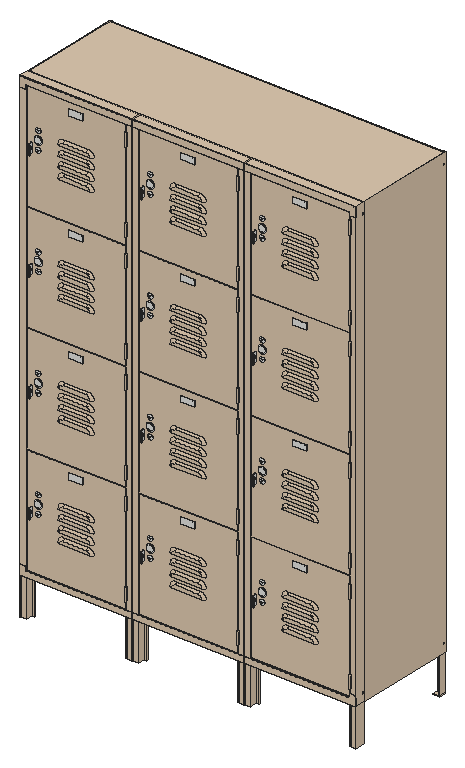
Revit family "Metal_Lockers-Salsbury_Industries-18_54000_Series-3_Wide_Units", category Specialty Equipment, Revit 2016 (continued)
Definition of nested family "Metal Locker Zee Base-Right Side"
  Forms (in)
    Extrusion 1, solid, material <- "Primary Structure Material", visible <- "Visible"
      sketch origin (5.99, 0, 0) x (0, 0, -1) y (0, -1, 0)
        loop
          line (-4, 8.43967) -> (-4, -8.431) -> (-3.94, -8.431) -> (-3.94, 8.43967) -> (-4, 8.43967)
      from 0.06 to 1.22
    Extrusion 2, solid, material <- "Primary Structure Material", visible <- "Visible"
      sketch origin (0, 0, 0) x (0, -1, 0) y (1, 0, 0)
        loop
          line (-9.681, 1.99) -> (-9.621, 1.99) -> (-9.621, 5.93) -> (9.621, 5.93) -> (9.621, 1.99) -> (9.681, 1.99) -> (9.681, 5.99) -> (-9.681, 5.99) -> (-9.681, 1.99)
      from 0.06 to 4
  Dimensions and locks (in)
    "Height": plane 5 "Top of Enclosure" to plane 4 "Floor"
    equal spacing: plane 8 "Left Edge of Enclosure", plane 1 "Center (Front/Back)", plane 9 "Right Edge of Enclosure"
    "Depth": plane 8 "Left Edge of Enclosure" to plane 9 "Right Edge of Enclosure"
    "Width": plane 11 "Left Edge of Base" to plane 7 "Right Side of Unit"
    equal spacing: plane 11 "Left Edge of Base", plane 3 "Center (Left/Right)", plane 7 "Right Side of Unit"
    locked: plane 4 "Floor" to plane 10 "Bottom Edge of Enclosure" at 0.06
    aligned and locked: level to plane 2
    aligned and locked: plane 6 "Left Edge of Insert" to Extrusion 1
    aligned and locked: Extrusion 2 to plane 9 "Right Edge of Enclosure"
    aligned and locked: Extrusion 2 to plane 10 "Bottom Edge of Enclosure"
    aligned and locked: Extrusion 2 to plane 11 "Left Edge of Base"
  Automatic sketch dimensions
    plane 5 "Top of Enclosure" to Extrusion 1 sketch curve = 0.000"
    Extrusion 1 sketch curve to Extrusion 1 sketch curve = 0.060"
    plane 9 "Right Edge of Enclosure" to Extrusion 1 sketch curve = 1.250"
    Extrusion 1 sketch curve to plane 8 "Left Edge of Enclosure" = 1.24133"
    Extrusion 2 sketch curve to plane 7 "Right Side of Unit" = 0.000"
    plane 9 "Right Edge of Enclosure" to Extrusion 2 sketch curve = 0.000"
    plane 6 "Left Edge of Insert" to Extrusion 2 sketch curve = 2.780"  (x2)
    Extrusion 2 sketch curve to Extrusion 2 sketch curve = 0.060"
    plane 7 "Right Side of Unit" to Extrusion 2 sketch curve = 0.060"
    Extrusion 2 sketch curve to plane 8 "Left Edge of Enclosure" = 0.060"
    Extrusion 2 sketch curve to plane 8 "Left Edge of Enclosure" = 0.000"
Definition of nested family "Metal Locker Zee Base-Left Side"
  Parameters (values of type "77571 Left- 21" D")
    Width including Rivet [instance] = 1.290"
    Visible = yes
    Primary Structure Material = none
    Depth = 19.362"
    Version = "1.0 (11/30/15)"
    Type Comments = "Zee Base Kit for Standard Metal Lockers - No Legs"
    Model = "77571"
    MasterFormat Title = ""
    MasterFormat Number = ""
    Manufacturer = "Salsbury Industries"
    Description = "4\" H x 6' L - for 21\" Deep Lockers (Includes 6 Foot Front Base, 2 End Bases, Corner Splicer and 4 Rear Legs)"
    Width = 4.000"
    Height = 4.000"
    Assembly Code = ""
  Types (5): name | Visible | Depth | Type Comments | Model | Description
    77572 Left - 12" D | yes | 10.362" | "Zee Base Kit for Standard Metal Lockers - No Legs" | "77572" | "4\" H x 6' L - for 12\" Deep Lockers (Includes 6 Foot Front Base, 2 End Bases, Corner Splicer and 4 Rear Legs)"
    77575 Left - 15" D | yes | 13.362" | "Zee Base Kit for Standard Metal Lockers - No Legs" | "77575" | "4\" H x 6' L - for 15\" Deep Lockers (Includes 6 Foot Front Base, 2 End Bases, Corner Splicer and 4 Rear Legs)"
    77578 Left- 18" D | yes | 16.362" | "Zee Base Kit for Standard Metal Lockers - No Legs" | "77578" | "4\" H x 6' L - for 18\" Deep Lockers (Includes 6 Foot Front Base, 2 End Bases, Corner Splicer and 4 Rear Legs)"
    None | no | 10.362" | "End Base for Standard Metal Lockers" | "" | ""
    77571 Left- 21" D | yes | 19.362" | "Zee Base Kit for Standard Metal Lockers - No Legs" | "77571" | "4\" H x 6' L - for 21\" Deep Lockers (Includes 6 Foot Front Base, 2 End Bases, Corner Splicer and 4 Rear Legs)"
  Reference planes (in)
    plane 1 "Center (Front/Back)": y = 0
    plane 2: z = 0
    plane 3 "Center (Left/Right)": x = 3.99
    plane 4 "Floor": z = 0
    plane 5 "Top of Enclosure": z = 4
    plane 6 "Right Side of Unit": x = 5.99
    plane 7 "Left Edge of Enclosure": y = -9.681
    plane 8 "Right Edge of Enclosure": y = 9.681
    plane 9 "Bottom Edge of Enclosure": z = 0.06
    plane 10 "Left Edge of Base": x = 1.99
    plane 11 "Right Edge of Inser": x = 3.21
  Forms (in)
    Extrusion 1, solid, material <- "Primary Structure Material", visible <- "Visible"
      sketch origin (7.98, 0, 0) x (0, -1, 0) y (1, 0, 0)
        loop
          line (-9.681, -1.99) -> (-9.681, -5.99) -> (9.681, -5.99) -> (9.681, -1.99) -> (9.621, -1.99) -> (9.621, -5.93) -> (-9.621, -5.93) -> (-9.621, -1.99) -> (-9.681, -1.99)
      from 0.06 to 4
    Extrusion 2, solid, material <- "Primary Structure Material", visible <- "Visible"
      sketch origin (1.99, 0, 0) x (0, 0, -1) y (0, 1, 0)
        loop
          line (-4, -8.43967) -> (-3.94, -8.43967) -> (-3.94, 8.431) -> (-4, 8.431) -> (-4, -8.43967)
      from 0.06 to 1.22
  Dimensions and locks (in)
    "Height": plane 5 "Top of Enclosure" to plane 4 "Floor"
    equal spacing: plane 7 "Left Edge of Enclosure", plane 1 "Center (Front/Back)", plane 8 "Right Edge of Enclosure"
    "Depth": plane 7 "Left Edge of Enclosure" to plane 8 "Right Edge of Enclosure"
    "Width": plane 10 "Left Edge of Base" to plane 6 "Right Side of Unit"
    equal spacing: plane 10 "Left Edge of Base", plane 3 "Center (Left/Right)", plane 6 "Right Side of Unit"
    locked: plane 4 "Floor" to plane 9 "Bottom Edge of Enclosure" at 0.06
    aligned and locked: level to plane 2
    aligned and locked: Extrusion 1 to plane 10 "Left Edge of Base"
  Automatic sketch dimensions
    plane 8 "Right Edge of Enclosure" to Extrusion 1 sketch curve = 0.000"
    Extrusion 1 sketch curve to plane 6 "Right Side of Unit" = 0.000"  (x2)
    plane 7 "Left Edge of Enclosure" to Extrusion 1 sketch curve = 0.000"
    Extrusion 1 sketch curve to plane 10 "Left Edge of Base" = 0.000"
    Extrusion 1 sketch curve to Extrusion 1 sketch curve = 0.060"
    plane 7 "Left Edge of Enclosure" to Extrusion 1 sketch curve = 0.060"
    plane 10 "Left Edge of Base" to Extrusion 1 sketch curve = 0.060"
    plane 5 "Top of Enclosure" to Extrusion 2 sketch curve = 0.000"
    Extrusion 2 sketch curve to Extrusion 2 sketch curve = 0.060"
    Extrusion 2 sketch curve to plane 7 "Left Edge of Enclosure" = 1.24133"
    plane 8 "Right Edge of Enclosure" to Extrusion 2 sketch curve = 1.250"
Definition of nested family "Metal Locker Zee Base Corner"
  Parameters (values of type "77572, 77575, 77578, 77571")
    Width = 2.000"
    Visible = yes
    Version = "1.0 (11/30/15)"
    Type Comments = "Zee Base Kit for Standard Metal Lockers - No Legs"
    Primary Structure Material = none
    Model = "n/a"
    Manufacturer = "Salsbury Industries"
    Height = 3.940"
    Description = "4\" H x 6' L - for 12\" Deep Lockers (Includes 6 Foot Front Base, 2 End Bases, Corner Splicer and 4 Rear Legs)"
    Depth = 2.000"
  Types (2): name | Visible
    77572, 77575, 77578, 77571 | yes
    None | no
  Reference planes (in)
    plane 1 "Center (Front/Back)": y = 0
    plane 2 "Bottom of Component": z = 0
    plane 3 "Center (Left/Right)": x = 0
    plane 4: z = 3.94
    plane 5: x = -1
    plane 6: x = 1
    plane 7 "Front": y = -1
    plane 8 "Back": y = 1
  Forms (in)
    Extrusion 1, solid, material <- "Primary Structure Material", visible <- "Visible"
      sketch origin (0, 0, 0) x (1, 0, 0) y (0, 1, 0)
        loop
          line (-1, 1) -> (-1, 0.94) -> (0.94, 0.94) -> (0.94, -1) -> (1, -1) -> (1, 1) -> (-1, 1)
      from 0 to 3.94
  Dimensions and locks (in)
    "Height": plane 4 to plane 2 "Bottom of Component"
    equal spacing: plane 5, plane 3 "Center (Left/Right)", plane 6
    "Width": plane 5 to plane 6
    equal spacing: plane 7 "Front", plane 1 "Center (Front/Back)", plane 8 "Back"
    "Depth": plane 7 "Front" to plane 8 "Back"
    aligned and locked: plane 2 "Bottom of Component" to level
  Automatic sketch dimensions
    Extrusion 1 sketch curve to plane 5 = 0.000"
    plane 7 "Front" to Extrusion 1 sketch curve = 0.000"
    Extrusion 1 sketch curve to plane 6 = 0.000"
    plane 8 "Back" to Extrusion 1 sketch curve = 0.000"
    plane 6 to Extrusion 1 sketch curve = 0.060"
    Extrusion 1 sketch curve to Extrusion 1 sketch curve = 0.060"
Definition of nested family "Metal Locker End Panel"
  Parameters (values of type "77361 - for 6' H X 21" D Lockers")
    Width = 0.925"
    Visible = yes
    Version = "1.0 (11/30/15)"
    Type Comments = "Finished End Panel for Standard Metal Lockers"
    Primary Structure Material = none
    Model = "77361"
    MasterFormat Title = ""
    MasterFormat Number = ""
    Manufacturer = "Salsbury Industries"
    Height = 72.000"
    Description = "End Panel for 6' H x 21\" Deep Lockers"
    Depth = 21.010"
    Assembly Code = ""
  Types (8): name | Visible | Model | Height | Description | Depth
    77362 - for 6' H x 12" D Lockers | yes | "77362" | 72.000" | "End Panel for 6' H x 12\" Deep Lockers" | 12.010"
    77365 - for 6' H x 15" D Lockers | yes | "77365" | 72.000" | "End Panel for 6' H x 15\" Deep Lockers" | 15.010"
    77368 - for 6' H X 18" D Lockers | yes | "77368" | 72.000" | "End Panel for 6' H x 18\" Deep Lockers" | 18.010"
    77352 - for 5' H x 12" D Lockers | yes | "77352" | 60.000" | "End Panel for 5' H x 12\" Deep Lockers" | 12.010"
    77355 - for 5' H x 15" D Lockers | yes | "77355" | 60.000" | "End Panel for 5' H x 15\" Deep Lockers" | 15.010"
    77358 - for 5' H x 18" D Lockers | yes | "77358" | 60.000" | "End Panel for 5' H x 18\" Deep Lockers" | 18.010"
    None | no | "n/a" | 72.000" | "" | 12.010"
    77361 - for 6' H X 21" D Lockers | yes | "77361" | 72.000" | "End Panel for 6' H x 21\" Deep Lockers" | 21.010"
  Reference planes (in)
    plane 1 "Center (Front/Back)": y = -2.167
    plane 2: z = 0
    plane 3 "Center (Left/Right)": x = -4.595
    plane 4 "Bottom of Panel": z = 0
    plane 5 "Top of Panel": z = 72
    plane 6 "Front of Panel": y = -12.672
    plane 7 "Right Side of Enclosure": x = -4.1325
    plane 8 "Left Side of Enclosure": x = -5.0575
    plane 9 "Back of Panel": y = 8.338
    plane 10: z = 36
    plane 11: z = 70.283
    plane 12: z = 1.717
    plane 13 "Outside Edge of Front Flap": y = -12.73214
    plane 14 "Outside Edge of Back Flap": y = 8.398
  Forms (in)
    Extrusion 1, solid, material <- "Primary Structure Material", visible <- "Visible"
      sketch origin (-4.1325, 0.48244, 0) x (0, 0, -1) y (0, -1, 0)
        loop
          line (-72, 13.21458) -> (-72, -7.91556) -> (0, -7.91556) -> (0, 13.21458) -> (-72, 13.21458)
      from 0 to -0.06
    Extrusion 2, solid, material <- "Primary Structure Material", visible <- "Visible"
      sketch origin (0, 8.338, 0) x (0, 0, -1) y (1, 0, 0)
        loop
          line (-72, -5.0575) -> (0, -5.0575) -> (0, -4.1325) -> (-72, -4.1325) -> (-72, -5.0575)
      from 0 to -0.06
    Extrusion 3, solid, material <- "Primary Structure Material", visible <- "Visible"
      sketch origin (0, -12.672, 0) x (1, 0, 0) y (0, 0, 1)
        loop
          line (-5.0575, 70.283) -> (-5.0575, 1.717) -> (-4.1325, 1.717) -> (-4.1325, 70.283) -> (-5.0575, 70.283)
      from 0.06014 to 0
  Dimensions and locks (in)
    equal spacing: plane 6 "Front of Panel", plane 1 "Center (Front/Back)", plane 9 "Back of Panel"
    "Depth": plane 6 "Front of Panel" to plane 9 "Back of Panel"
    equal spacing: plane 8 "Left Side of Enclosure", plane 3 "Center (Left/Right)", plane 7 "Right Side of Enclosure"
    "Width": plane 8 "Left Side of Enclosure" to plane 7 "Right Side of Enclosure"
    equal spacing: plane 5 "Top of Panel", plane 10, plane 2
    "Height": plane 5 "Top of Panel" to plane 2
    locked: plane 5 "Top of Panel" to plane 11 at 1.717
    locked: plane 13 "Outside Edge of Front Flap" to plane 6 "Front of Panel" at 0.06014
    locked: plane 9 "Back of Panel" to plane 14 "Outside Edge of Back Flap" at 0.06
    aligned and locked: level to plane 2
    aligned and locked: plane 5 "Top of Panel" to Extrusion 1 sketch curve
    aligned and locked: plane 5 "Top of Panel" to Extrusion 2 sketch curve
    aligned and locked: Extrusion 2 to plane 9 "Back of Panel"
    aligned and locked: plane 11 to Extrusion 3 sketch curve
    aligned and locked: plane 6 "Front of Panel" to Extrusion 3
    aligned and locked: plane 14 "Outside Edge of Back Flap" to Extrusion 2
    aligned and locked: Extrusion 1 to plane 14 "Outside Edge of Back Flap"
    aligned and locked: plane 13 "Outside Edge of Front Flap" to Extrusion 3
    aligned and locked: Extrusion 2 to plane 7 "Right Side of Enclosure"
    aligned and locked: Extrusion 3 to plane 7 "Right Side of Enclosure"
  Automatic sketch dimensions
    Extrusion 1 sketch curve to level = 0.000"
    Extrusion 2 sketch curve to level = 0.000"
    plane 8 "Left Side of Enclosure" to Extrusion 2 sketch curve = 0.000"
    plane 7 "Right Side of Enclosure" to Extrusion 2 sketch curve = 0.000"
    plane 8 "Left Side of Enclosure" to Extrusion 3 sketch curve = 0.000"
    Extrusion 3 sketch curve to plane 12 = 0.000"
    plane 7 "Right Side of Enclosure" to Extrusion 3 sketch curve = 0.000"
    Extrusion 1 sketch curve to plane 14 "Outside Edge of Back Flap" = 0.000"
    plane 6 "Front of Panel" to Extrusion 1 sketch curve = 0.06014"
Definition of nested family "Metal Locker Front Filler"
  Parameters (values of type "77869 - for 6' H Lockers (Zee Base or No Legs)")
    Width = 9.000"
    Visible = yes
    Version = "1.0 (11/30/15)"
    Type Comments = "Vertical Front Filler for Standard Metal Lockers"
    Primary Structure Material = none
    Model = "77865"
    MasterFormat Title = ""
    MasterFormat Number = ""
    Manufacturer = "Salsbury Industries"
    Height = 72.000"
    Description = "9\" W Vertical Front Filler for 6' H Lockers"
    Depth = 1.500"
    Assembly Code = ""
  Types (9): name | Width | Visible | Model | Height | Description | Depth
    77865 - for 6' H Lockers with Legs | 15.000" | yes | "77865" | 78.000" | "15\" W Vertical Front Filler for 6' H Lockers" | 1.000"
    77869 - for 6' H Lockers with Legs | 9.000" | yes | "77865" | 78.000" | "9\" W Vertical Front Filler for 6' H Lockers" | 1.000"
    77855 - for 5' H Lockers with Legs | 15.000" | yes | "77855" | 66.000" | "15\" W Vertical Front Filler for 5' H Lockers" | 1.000"
    77859 - for 5' H Lockers with Legs | 9.000" | yes | "77859" | 66.000" | "9\" W Vertical Front Filler for 5' H Lockers" | 1.000"
    None | 15.000" | no | "n/a" | 78.000" | "" | 1.500"
    77865 - for 6' H Lockers (Zee Base or No Legs) | 15.000" | yes | "77865" | 72.000" | "15\" W Vertical Front Filler for 6' H Lockers" | 1.000"
    77869 - for 6' H Lockers (Zee Base or No Legs) | 9.000" | yes | "77865" | 72.000" | "9\" W Vertical Front Filler for 6' H Lockers" | 1.500"
    77859 - for 5' H Lockers (Zee Base or No Legs) | 9.000" | yes | "77859" | 60.000" | "9\" W Vertical Front Filler for 5' H Lockers" | 1.000"
    77855 - for 5' H Lockers (Zee Base or No Legs) | 15.000" | yes | "77855" | 60.000" | "15\" W Vertical Front Filler for 5' H Lockers" | 1.000"
  Reference planes (in)
    plane 1 "Center (Front/Back)": y = -2.167
    plane 2: z = 0
    plane 3 "Center (Left/Right)": x = -4.595
    plane 4 "Bottom of Filler": z = 0
    plane 5 "Top of Panel": z = 72
    plane 6 "Front of Filler": y = -2.917
    plane 7 "Right Side of Filler": x = -0.095
    plane 8 "Left Side of Filler": x = -9.095
    plane 9 "Back of Filler": y = -1.417
    plane 10: z = 36
  Forms (in)
    Extrusion 1, solid, material <- "Primary Structure Material", visible <- "Visible"
      sketch origin (0, 0, 0) x (0, -1, 0) y (1, 0, 0)
        loop
          line (1.417, -9.095) -> (2.917, -9.095) -> (2.917, -1.095) -> (2.869, -1.095) -> (2.869, -9.047) -> (1.417, -9.047) -> (1.417, -9.095)
      from 0 to 72
    Extrusion 2, solid, material <- "Primary Structure Material", visible <- "Visible"
      sketch origin (0, -0.20425, 0) x (0, -1, 0) y (1, 0, 0)
        loop
          line (1.30875, -0.095) -> (1.30875, -0.143) -> (2.76075, -0.143) -> (2.76075, -1.595) -> (2.80875, -1.595) -> (2.80875, -0.095) -> (1.30875, -0.095)
      from 0 to 72
    Extrusion 3, solid, material <- "Primary Structure Material", visible <- "Visible"
      sketch origin (0, 0.10825, 0) x (0, -1, 0) y (1, 0, 0)
        loop
          line (3.07325, -1.595) -> (3.07325, -0.82524) -> (3.02525, -0.82524) -> (3.02525, -1.376) -> (3.02525, -1.449) -> (3.02525, -1.522) -> (3.02525, -1.595) -> (3.07325, -1.595)
      from 0 to 72
    Extrusion 4, solid, material <- "Primary Structure Material", visible <- "Visible"
      sketch origin (0, 0, 0) x (0, -1, 0) y (1, 0, 0)
        loop
          line (2.917, -0.82524) -> (2.821, -0.82524) -> (2.821, -1.80024) -> (2.869, -1.80024) -> (2.869, -0.87324) -> (2.917, -0.87324) -> (2.917, -0.82524)
      from 0 to 72
  Dimensions and locks (in)
    equal spacing: plane 6 "Front of Filler", plane 1 "Center (Front/Back)", plane 9 "Back of Filler"
    "Depth": plane 6 "Front of Filler" to plane 9 "Back of Filler"
    equal spacing: plane 8 "Left Side of Filler", plane 3 "Center (Left/Right)", plane 7 "Right Side of Filler"
    "Width": plane 8 "Left Side of Filler" to plane 7 "Right Side of Filler"
    equal spacing: plane 5 "Top of Panel", plane 10, plane 2
    "Height": plane 5 "Top of Panel" to plane 2
    aligned and locked: level to plane 2
    aligned and locked: Extrusion 1 to plane 5 "Top of Panel"
    aligned and locked: Extrusion 2 to plane 5 "Top of Panel"
    aligned and locked: Extrusion 3 to plane 5 "Top of Panel"
    aligned and locked: Extrusion 4 to plane 5 "Top of Panel"
  Automatic sketch dimensions
    plane 9 "Back of Filler" to Extrusion 1 sketch curve = 0.000"
    plane 6 "Front of Filler" to Extrusion 1 sketch curve = 0.000"
    Extrusion 1 sketch curve to plane 8 "Left Side of Filler" = 0.000"
    Extrusion 1 sketch curve to plane 6 "Front of Filler" = 0.048"
    Extrusion 1 sketch curve to Extrusion 1 sketch curve = 0.048"
    plane 7 "Right Side of Filler" to Extrusion 1 sketch curve = 1.000"
    Extrusion 2 sketch curve to plane 7 "Right Side of Filler" = 0.000"
    plane 7 "Right Side of Filler" to Extrusion 2 sketch curve = 0.048"
    plane 9 "Back of Filler" to Extrusion 2 sketch curve = 0.096"
    plane 6 "Front of Filler" to Extrusion 2 sketch curve = 0.048"
    Extrusion 2 sketch curve to Extrusion 2 sketch curve = 0.048"
    Extrusion 2 sketch curve to Extrusion 2 sketch curve = 1.452"
    plane 6 "Front of Filler" to Extrusion 3 sketch curve = 0.000"
    plane 7 "Right Side of Filler" to Extrusion 3 sketch curve = 1.500"
    Extrusion 3 sketch curve to Extrusion 3 sketch curve = 0.073"  (x3)
    Extrusion 3 sketch curve to Extrusion 3 sketch curve = 0.55076"
    Extrusion 3 sketch curve to Extrusion 3 sketch curve = 0.048"
    plane 6 "Front of Filler" to Extrusion 4 sketch curve = 0.000"
    Extrusion 4 sketch curve to plane 6 "Front of Filler" = 0.048"
    Extrusion 4 sketch curve to Extrusion 4 sketch curve = 0.048"  (x2)
    plane 7 "Right Side of Filler" to Extrusion 4 sketch curve = 1.70524"
    plane 7 "Right Side of Filler" to Extrusion 4 sketch curve = 0.77824"
Definition of nested family "Metal Locker Flat Top Filler"
  Parameters (values of type "77841 - for 21" Deep Lockers (9" W)")
    Width = 10.250"
    Visible = yes
    Version = "1.0 (11/30/15)"
    Type Comments = "Flat Top Filler for Standard Metal Lockers"
    Primary Structure Material = none
    Model = "77841"
    MasterFormat Title = ""
    MasterFormat Number = ""
    Manufacturer = "Salsbury Industries"
    Height = 1.003"
    Description = "9\"W Flat Top In-Line Filler"
    Depth = 21.118"
    Assembly Code = ""
  Types (9): name | Width | Visible | Model | Description | Depth
    77842 - for 12" Deep Lockers (15" W) | 16.250" | yes | "77842" | "15\"W Flat Top In-Line Filler" | 12.118"
    77842 - for 12" Deep Lockers (9" W) | 10.250" | yes | "77842" | "15\"W Flat Top In-Line Filler" | 12.118"
    77845 - for 15" Deep Lockers (15" W) | 16.250" | yes | "77845" | "15\"W Flat Top In-Line Filler" | 15.118"
    77845 - for 15" Deep Lockers (9" W) | 10.250" | yes | "77845" | "15\"W Flat Top In-Line Filler" | 15.118"
    77848 - for 18" Deep Lockers (15" W) | 16.250" | yes | "77848" | "15\"W Flat Top In-Line Filler" | 18.118"
    77848 - for 18" Deep Lockers (9" W) | 10.250" | yes | "77848" | "15\"W Flat Top In-Line Filler" | 18.118"
    None | 16.250" | no | "" | "15\"W Flat Top In-Line Filler" | 12.118"
    77841 - for 21" Deep Lockers (15" W) | 16.250" | yes | "77841" | "15\"W Flat Top In-Line Filler" | 21.118"
    77841 - for 21" Deep Lockers (9" W) | 10.250" | yes | "77841" | "9\"W Flat Top In-Line Filler" | 21.118"
  Reference planes (in)
    plane 1 "Center (Front/Back)": y = -2.167
    plane 2: z = 0
    plane 3 "Center (Left/Right)": x = -4.595
    plane 4 "Bottom of Panel": z = 0
    plane 5 "Top of Panel": z = 1.003
    plane 6 "Front of Panel": y = -12.726
    plane 7 "Right Side of Enclosure": x = 0.53
    plane 8 "Left Side of Enclosure": x = -9.72
    plane 9 "Back of Panel": y = 8.392
    plane 10: z = 0.5015
  Forms (in)
    Extrusion 1, solid, material <- "Primary Structure Material", visible <- "Visible"
      sketch origin (-4.595, 0, 0) x (0, 1, 0) y (0, 0, 1)
        loop
          line (-12.726, 0) -> (-12.678, 0) -> (-12.678, 0.955) -> (8.392, 0.955) -> (8.392, 1.003) -> (-12.726, 1.003) -> (-12.726, 0)
      from -5.125 to 5.125
  Dimensions and locks (in)
    equal spacing: plane 6 "Front of Panel", plane 1 "Center (Front/Back)", plane 9 "Back of Panel"
    "Depth": plane 6 "Front of Panel" to plane 9 "Back of Panel"
    equal spacing: plane 8 "Left Side of Enclosure", plane 3 "Center (Left/Right)", plane 7 "Right Side of Enclosure"
    "Width": plane 8 "Left Side of Enclosure" to plane 7 "Right Side of Enclosure"
    equal spacing: plane 5 "Top of Panel", plane 10, plane 2
    "Height": plane 5 "Top of Panel" to plane 2
    aligned and locked: level to plane 2
    aligned and locked: Extrusion 1 to plane 7 "Right Side of Enclosure"
    aligned and locked: plane 8 "Left Side of Enclosure" to Extrusion 1
    aligned and locked: plane 6 "Front of Panel" to Extrusion 1
    aligned and locked: Extrusion 1 to plane 9 "Back of Panel"
  Automatic sketch dimensions
    plane 5 "Top of Panel" to Extrusion 1 sketch curve = 0.000"
    Extrusion 1 sketch curve to plane 6 "Front of Panel" = 0.000"
    Extrusion 1 sketch curve to level = 0.000"
    Extrusion 1 sketch curve to plane 9 "Back of Panel" = 0.000"
    Extrusion 1 sketch curve to plane 6 "Front of Panel" = 0.048"
    plane 5 "Top of Panel" to Extrusion 1 sketch curve = 0.048"
Definition of nested family "Metal Locker Flat Corner Filler"
  Parameters (values of type "77831 - for 21" Deep Lockers")
    Width = 21.625"
    Visible = yes
    Version = "1.0 (11/30/15)"
    Type Comments = "Flat Top Corner Filler for Standard Metal Lockers"
    Primary Structure Material = none
    Model = "77831"
    MasterFormat Title = ""
    MasterFormat Number = ""
    Manufacturer = "Salsbury Industries"
    Height = 0.048"
    Description = "21\"W Flat Top Corner Filler"
    Depth = 21.625"
    Assembly Code = ""
  Types (5): name | Width | Visible | Model | Description | Depth
    77832 - for 12" Deep Lockers | 12.625" | yes | "77832" | "12\"W Flat Top Corner Filler" | 12.625"
    77835 - for 15" Deep Lockers | 15.625" | yes | "77835" | "15\"W Flat Top Corner Filler" | 15.625"
    77838 - for 18" Deep Lockers | 18.625" | yes | "77838" | "18\"W Flat Top Corner Filler" | 18.625"
    None | 12.625" | no | "" | "" | 12.625"
    77831 - for 21" Deep Lockers | 21.625" | yes | "77831" | "21\"W Flat Top Corner Filler" | 21.625"
  Reference planes (in)
    plane 1 "Center (Front/Back)": y = -2.167
    plane 2: z = 0
    plane 3 "Center (Left/Right)": x = -4.595
    plane 4 "Bottom of Panel": z = 0
    plane 5 "Top of Panel": z = 0.048
    plane 6 "Front of Panel": y = -12.9795
    plane 7 "Right Side of Enclosure": x = 6.2175
    plane 8 "Left Side of Enclosure": x = -15.4075
    plane 9 "Back of Panel": y = 8.6455
    plane 10: z = 0.024
  Forms (in)
    Extrusion 1, solid, material <- "Primary Structure Material", visible <- "Visible"
      sketch origin (0, 0, 0) x (0, -1, 0) y (1, 0, 0)
        loop
          line (12.3545, -15.4075) -> (12.3545, -14.7825) -> (12.9795, -14.7825) -> (12.9795, 6.2175) -> (-8.6455, 6.2175) -> (-8.6455, -15.4075) -> (12.3545, -15.4075)
      from 0 to 0.048
  Dimensions and locks (in)
    equal spacing: plane 6 "Front of Panel", plane 1 "Center (Front/Back)", plane 9 "Back of Panel"
    "Depth": plane 6 "Front of Panel" to plane 9 "Back of Panel"
    equal spacing: plane 8 "Left Side of Enclosure", plane 3 "Center (Left/Right)", plane 7 "Right Side of Enclosure"
    "Width": plane 8 "Left Side of Enclosure" to plane 7 "Right Side of Enclosure"
    equal spacing: plane 5 "Top of Panel", plane 10, plane 2
    "Height": plane 5 "Top of Panel" to plane 2
    aligned and locked: level to plane 2
    aligned and locked: Extrusion 1 to plane 9 "Back of Panel"
    aligned and locked: plane 6 "Front of Panel" to Extrusion 1
    aligned and locked: Extrusion 1 to plane 7 "Right Side of Enclosure"
    aligned and locked: plane 8 "Left Side of Enclosure" to Extrusion 1
  Automatic sketch dimensions
    Extrusion 1 sketch curve to plane 8 "Left Side of Enclosure" = 0.000"
    plane 9 "Back of Panel" to Extrusion 1 sketch curve = 0.000"
    plane 6 "Front of Panel" to Extrusion 1 sketch curve = 0.000"
    Extrusion 1 sketch curve to plane 7 "Right Side of Enclosure" = 0.000"
    Extrusion 1 sketch curve to plane 8 "Left Side of Enclosure" = 0.625"
    Extrusion 1 sketch curve to plane 6 "Front of Panel" = 0.625"
Definition of nested family "Metal Locker Sloping Top Filler"
  Parameters (values of type "77881 - for 21" Deep Lockers (15" W)")
    Width = 16.250"
    Visible = yes
    Version = "1.0 (11/30/15)"
    Type Comments = "Sloping Hood In-Line Filler for Standard Metal Lockers"
    Slope Angle = 31.315°
    Primary Structure Material = none
    Model = "77881"
    MasterFormat Title = ""
    MasterFormat Number = ""
    Manufacturer = "Salsbury Industries"
    Height = 1.003"
    Description = "15\"W Sloping Hood In-Line Filler"
    Depth = 21.118"
    Assembly Code = ""
  Types (9): name | Width | Visible | Type Comments | Slope Angle | Model | Description | Depth
    77882 - for 12" Deep Lockers (15" W) | 16.250" | yes | "Sloping Hood In-Line Filler for Standard Metal Lockers" | 28.761° | "77882" | "15\"W Sloping Hood In-Line Filler" | 12.118"
    77882 - for 12" Deep Lockers (9" W) | 10.250" | yes | "Sloping Hood In-Line Filler for Standard Metal Lockers" | 28.761° | "77882" | "15\"W Sloping Hood In-Line Filler" | 12.118"
    77885 - for 15" Deep Lockers (15" W) | 16.250" | yes | "Sloping Hood In-Line Filler for Standard Metal Lockers" | 29.946° | "77885" | "15\"W Sloping Hood In-Line Filler" | 15.118"
    77885 - for 15" Deep Lockers (9" W) | 10.250" | yes | "Sloping Hood In-Line Filler for Standard Metal Lockers" | 29.946° | "77885" | "15\"W Sloping Hood In-Line Filler" | 15.118"
    77888 - for 18" Deep Lockers (15" W) | 16.250" | yes | "Sloping Hood In-Line Filler for Standard Metal Lockers" | 30.723° | "77888" | "15\"W Sloping Hood In-Line Filler" | 18.118"
    77888 - for 18" Deep Lockers (9" W) | 10.250" | yes | "Sloping Hood In-Line Filler for Standard Metal Lockers" | 30.723° | "77888" | "15\"W Sloping Hood In-Line Filler" | 18.118"
    None | 16.250" | no | "Sloping Hood for Standard Metal Lockers" | 28.761° | "" | "" | 12.118"
    77881 - for 21" Deep Lockers (15" W) | 16.250" | yes | "Sloping Hood In-Line Filler for Standard Metal Lockers" | 31.315° | "77881" | "15\"W Sloping Hood In-Line Filler" | 21.118"
    77881 - for 21" Deep Lockers (9" W) | 10.250" | yes | "Sloping Hood In-Line Filler for Standard Metal Lockers" | 31.315° | "77881" | "15\"W Sloping Hood In-Line Filler" | 21.118"
  Reference planes (in)
    plane 1 "Center (Front/Back)": y = -2.167
    plane 2: z = 0
    plane 3 "Center (Left/Right)": x = -4.595
    plane 4 "Bottom of Panel": z = 0
    plane 5 "Top of Panel": z = 1.003
    plane 6 "Front of Panel": y = -12.726
    plane 7 "Right Side of Enclosure": x = 3.53
    plane 8 "Left Side of Enclosure": x = -12.72
    plane 9 "Back of Panel": y = 8.392
    plane 10: z = 0.5015
    plane 11: through (0, -8.76771, 2.4081) normal (0, -0.5197, 0.8543)
    plane 12: through (0, -8.882, 2.28238) normal (0, -0.5197, 0.8543)
  Forms (in)
    Extrusion 1, solid, material <- "Primary Structure Material", visible <- "Visible"
      sketch origin (-4.595, 0, 0) x (0, 1, 0) y (0, 0, 1)
        loop
          line (8.392, 12.84752) -> (-12.726, 0) -> (-12.726, -1.028) -> (-12.68034, -1.028) -> (-12.68034, -0.02841) -> (8.392, 12.79133) -> (8.392, 12.84752)
      from -8.125 to 8.125
  Dimensions and locks (in)
    equal spacing: plane 6 "Front of Panel", plane 1 "Center (Front/Back)", plane 9 "Back of Panel"
    "Depth": plane 6 "Front of Panel" to plane 9 "Back of Panel"
    equal spacing: plane 8 "Left Side of Enclosure", plane 3 "Center (Left/Right)", plane 7 "Right Side of Enclosure"
    "Width": plane 8 "Left Side of Enclosure" to plane 7 "Right Side of Enclosure"
    equal spacing: plane 5 "Top of Panel", plane 10, plane 2
    "Height": plane 5 "Top of Panel" to plane 2
    locked: plane 11 to plane 12 at 0.048
    "Slope Angle": angle plane 4 "Bottom of Panel" to plane 11
    aligned and locked: level to plane 2
    aligned and locked: Extrusion 1 sketch curve to plane 11
    aligned and locked: Extrusion 1 sketch curve to plane 12
    aligned and locked: Extrusion 1 to plane 7 "Right Side of Enclosure"
    aligned and locked: plane 8 "Left Side of Enclosure" to Extrusion 1
  Automatic sketch dimensions
    Extrusion 1 sketch curve to plane 6 "Front of Panel" = 0.000"
    Extrusion 1 sketch curve to Extrusion 1 sketch curve = 0.99959"
    Extrusion 1 sketch curve to level = 0.02841"
    Extrusion 1 sketch curve to plane 9 "Back of Panel" = 0.000"
Definition of nested family "Metal Locker Sloping Corner Filler"
  Parameters (values of type "77871 - for 21" Deep Lockers")
    Width = 21.695"
    Visible = yes
    Version = "1.0 (11/30/15)"
    Type Comments = "Sloping Hood Corner Filler for Standard Metal Lockers"
    Slope Angle 2 = 31.315°
    Slope Angle 1 = 31.315°
    Primary Structure Material = none
    Model = "77871"
    MasterFormat Title = ""
    MasterFormat Number = ""
    Manufacturer = "Salsbury Industries"
    Height = 6.87897"
    Description = "21\"D Sloping Hood Corner Filler"
    Depth = 21.695"
    Assembly Code = ""
  Types (5): name | Width | Visible | Slope Angle 2 | Slope Angle 1 | Model | Description | Depth
    77872 - for 12" Deep Lockers | 12.695" | yes | 28.761° | 28.761° | "77872" | "12\"D Sloping Hood Corner Filler" | 12.695"
    77875 - for 15" Deep Lockers | 15.695" | yes | 29.946° | 29.946° | "77875" | "15\"D Sloping Hood Corner Filler" | 15.695"
    77878 - for 18" Deep Lockers | 18.695" | yes | 30.723° | 30.723° | "77878" | "18\"D Sloping Hood Corner Filler" | 18.695"
    None | 12.695" | no | 28.723° | 28.723° | "" | "" | 12.695"
    77871 - for 21" Deep Lockers | 21.695" | yes | 31.315° | 31.315° | "77871" | "21\"D Sloping Hood Corner Filler" | 21.695"
  Reference planes (in)
    plane 1 "Center (Front/Back)": y = -2.167
    plane 2: z = 0
    plane 3 "Center (Left/Right)": x = -4.595
    plane 4 "Bottom of Panel": z = 0
    plane 5 "Top of Panel": z = 6.87897
    plane 6 "Front of Panel": y = -13.0145
    plane 7 "Right Side of Enclosure": x = 6.2525
    plane 8 "Left Side of Enclosure": x = -15.4425
    plane 9 "Back of Panel": y = 8.6805
    plane 10 "Center Top/Bottom": z = 3.43948
    plane 11 "Slope 1": through (0, -8.44584, 2.77943) normal (0, -0.5197, 0.8543)
    plane 12: through (0, -8.56013, 2.65371) normal (0, -0.5197, 0.8543)
    plane 13 "Diagonal Plane": through (-10.86131, 4.09969, 48) normal (0.7071, 0.7071, 0)
    plane 14 "Cutout Plane 1": y = -12.3895
    plane 15 "Cutout Plane 2": x = 5.6275
    plane 16 "Slope 2": through (2.44229, -180, 2.31801) normal (-0.5197, 0, -0.8543)
    plane 17: through (5.95459, -180, 0.12527) normal (-0.5197, 0, -0.8543)
  Forms (in)
    Extrusion 1, solid, material <- "Primary Structure Material", visible <- "Visible"
      sketch origin (-4.595, 0, 0) x (0, 1, 0) y (0, 0, 1)
        loop
          line (-12.3895, 0.32405) -> (8.6805, 13.14236) -> (8.6805, 13.19855) -> (-12.3895, 0.38023) -> (-12.3895, 0.32405)
      from -10.8475 to 10.8475
    Extrusion 2, void
      sketch origin (0, 0, 3.43948) x (1, 0, 0) y (0, 1, 0)
        loop
          line (6.25288, -13.0145) -> (-15.4425, 8.68088) -> (-15.4425, -13.0145) -> (6.25288, -13.0145)
      from -3.43948 to 9.70288
    Extrusion 3, solid, material <- "Primary Structure Material", visible <- "Visible"
      sketch origin (0, -2.167, 0) x (1, 0, 0) y (0, 0, 1)
        loop
          line (5.6275, 0.32426) -> (5.6275, 0.38023) -> (-15.4425, 13.19855) -> (-15.4425, 13.14258) -> (5.6275, 0.32426)
      from -10.8475 to 10.8475
    Extrusion 4, void
      sketch origin (-4.595, 0, 0) x (0, 1, 0) y (0, 0, 1)
        loop
          line (8.6805, 0) -> (8.6805, 13.14236) -> (-12.92215, 0) -> (8.6805, 0)
      from -10.8475 to 10.8475
    Extrusion 5, solid, not visible
      sketch origin (5.6275, 0, 0) x (0, -1, 0) y (0, 0, 1)
        loop
          line (13.10982, 0.2885) -> (12.3895, 0.2885) -> (12.3895, 0) -> (13.10982, 0) -> (13.10982, 0.2885)
      from -0.72026 to 0
  Cuts and joins
    Extrusion 2, Extrusion 4 cuts Extrusion 1
    Extrusion 4 cuts Extrusion 3
  Dimensions and locks (in)
    equal spacing: plane 6 "Front of Panel", plane 1 "Center (Front/Back)", plane 9 "Back of Panel"
    "Depth": plane 6 "Front of Panel" to plane 9 "Back of Panel"
    equal spacing: plane 8 "Left Side of Enclosure", plane 3 "Center (Left/Right)", plane 7 "Right Side of Enclosure"
    "Width": plane 8 "Left Side of Enclosure" to plane 7 "Right Side of Enclosure"
    equal spacing: plane 5 "Top of Panel", plane 10 "Center Top/Bottom", plane 2
    "Height": plane 5 "Top of Panel" to plane 2
    locked: plane 11 "Slope 1" to plane 12 at 0.048
    locked: plane 15 "Cutout Plane 2" to plane 7 "Right Side of Enclosure" at 0.625
    locked: plane 6 "Front of Panel" to plane 14 "Cutout Plane 1" at 0.625
    locked: plane 17 to plane 16 "Slope 2" at 0.04782
    "Slope Angle 1": angle plane 4 "Bottom of Panel" to plane 11 "Slope 1"
    "Slope Angle 2": angle plane 16 "Slope 2" to plane 4 "Bottom of Panel"
    aligned and locked: level to plane 2
    aligned and locked: Extrusion 1 sketch curve to plane 14 "Cutout Plane 1"
    aligned and locked: Extrusion 1 sketch curve to plane 9 "Back of Panel"
    aligned and locked: Extrusion 1 sketch curve to plane 11 "Slope 1"
    aligned and locked: Extrusion 1 sketch curve to plane 12
    aligned and locked: plane 8 "Left Side of Enclosure" to Extrusion 1
    aligned and locked: Extrusion 1 to plane 7 "Right Side of Enclosure"
    aligned and locked: plane 6 "Front of Panel" to Extrusion 2 sketch curve
    aligned and locked: plane 8 "Left Side of Enclosure" to Extrusion 2 sketch curve
    aligned and locked: plane 13 "Diagonal Plane" to Extrusion 2 sketch curve
    aligned and locked: cut or joined group of Extrusion 1, Extrusion 2, Extrusion 4 to plane 4 "Bottom of Panel"
    aligned and locked: Extrusion 4 sketch curve to level
    aligned and locked: Extrusion 4 sketch curve to plane 9 "Back of Panel"
    aligned and locked: Extrusion 4 sketch curve to plane 12
    aligned and locked: Extrusion 4 to plane 7 "Right Side of Enclosure"
    aligned and locked: plane 8 "Left Side of Enclosure" to Extrusion 4
    aligned and locked: cut or joined group of Extrusion 3, Extrusion 4 to plane 15 "Cutout Plane 2"
    aligned and locked: plane 6 "Front of Panel" to cut or joined group of Extrusion 3, Extrusion 4
    aligned and locked: cut or joined group of Extrusion 3, Extrusion 4 to plane 9 "Back of Panel"
    aligned and locked: Extrusion 3 sketch curve to plane 15 "Cutout Plane 2"
    aligned and locked: Extrusion 3 sketch curve to plane 16 "Slope 2"
    aligned and locked: plane 8 "Left Side of Enclosure" to Extrusion 3 sketch curve
    aligned and locked: Extrusion 3 sketch curve to plane 17
  Automatic sketch dimensions
    Extrusion 5 sketch curve to plane 14 "Cutout Plane 1" = 0.000"
    Extrusion 5 sketch curve to level = 0.000"
    plane 6 "Front of Panel" to Extrusion 5 sketch curve = 0.09532"
    Extrusion 5 sketch curve to Extrusion 5 sketch curve = 0.2885"
Definition of nested family "Metal Locker Sloping Hood"
  Parameters (values of type "77798 - for 18" Deep Lockers (3 Wide)")
    Width = 54.040"
    Visible = yes
    Version = "1.0 (11/30/15)"
    Type Comments = "Sloping Hood for Standard Metal Lockers"
    Slope Angle = 30.723°
    Primary Structure Material = none
    Model = "77798"
    MasterFormat Title = ""
    MasterFormat Number = ""
    Manufacturer = "Salsbury Industries"
    Height = 10.739"
    Dividing Lines = yes
    Description = "18\" Deep for up to (3) 18\" Wide Lockers"
    Depth = 18.070"
    Assembly Code = ""
  Types (16): name | Width | Visible | Slope Angle | Model | Height | Dividing Lines | Description | Depth
    77752 - for 12" Deep Lockers (1 Wide) | 12.040" | yes | 28.761° | "77752" | 6.625" | no | "12\" Deep for up to (3) 12\" Wide Lockers" | 12.070"
    77752 - for 12" Deep Lockers (3 Wide) | 36.040" | yes | 28.761° | "77752" | 6.625" | yes | "12\" Deep for up to (3) 12\" Wide Lockers" | 12.070"
    77755 - for 15" Deep Lockers (1 Wide) | 12.040" | yes | 29.946° | "77755" | 8.682" | no | "15\" Deep for up to (3) 12\" Wide Lockers" | 15.070"
    77755 - for 15" Deep Lockers (3 Wide) | 36.040" | yes | 29.946° | "77755" | 8.628" | yes | "15\" Deep for up to (3) 12\" Wide Lockers" | 15.070"
    77758 - for 18" Deep Lockers (1 Wide) | 12.040" | yes | 30.723° | "77758" | 10.739" | no | "18\" Deep for up to (3) 12\" Wide Lockers" | 18.070"
    77758 - for 18" Deep Lockers (3 Wide) | 36.040" | yes | 30.723° | "77758" | 10.739" | yes | "18\" Deep for up to (3) 12\" Wide Lockers" | 18.070"
    None | 12.000" | no | 28.761° | "" | 6.625" | no | "" | 12.070"
    77765 - for 15" Deep Lockers (1 Wide) | 15.040" | yes | 29.946° | "77752" | 8.682" | no | "12\" Deep for up to (3) 12\" Wide Lockers" | 15.070"
    77768 - for 18" Deep Lockers (1 Wide) | 15.040" | yes | 30.723° | "77752" | 10.739" | no | "12\" Deep for up to (3) 12\" Wide Lockers" | 18.070"
    77765 - for 15" Deep Lockers (3 Wide) | 45.040" | yes | 29.946° | "77752" | 8.682" | yes | "12\" Deep for up to (3) 12\" Wide Lockers" | 15.070"
    77768 - for 18" Deep Lockers (3 Wide) | 45.040" | yes | 30.723° | "77752" | 10.739" | yes | "12\" Deep for up to (3) 12\" Wide Lockers" | 18.070"
    77759 - for 18" Deep Bridge Lockers | 72.040" | yes | 30.723° | "77752" | 6.625" | no | "12\" Deep for up to (3) 12\" Wide Lockers" | 18.070"
    77798 - for 18" Deep Lockers (1 Wide) | 18.040" | yes | 30.723° | "77798" | 10.739" | no | "18\" Deep for up to (3) 18\" Wide Lockers" | 18.070"
    77798 - for 18" Deep Lockers (3 Wide) | 54.040" | yes | 30.723° | "77798" | 10.739" | yes | "18\" Deep for up to (3) 18\" Wide Lockers" | 18.070"
    77791 - for 21" Deep Lockers (1 Wide) | 18.040" | yes | 31.315° | "77791" | 12.796" | no | "21\" Deep for up to (3) 18\" Wide Lockers" | 21.070"
    77791 - for 21" Deep Lockers (3 Wide) | 54.040" | yes | 31.315° | "77791" | 12.796" | yes | "21\" Deep for up to (3) 18\" Wide Lockers" | 21.070"
  Reference planes (in)
    plane 1 "Center (Front/Back)": y = -2.167
    plane 2: z = 0
    plane 3 "Center (Left/Right)": x = -4.595
    plane 4 "Bottom of Panel": z = 0
    plane 5 "Top of Panel": z = 10.739
    plane 6 "Front of Panel": y = -11.202
    plane 7 "Right Side of Enclosure": x = 22.425
    plane 8 "Left Side of Enclosure": x = -31.615
    plane 9 "Back of Panel": y = 6.868
    plane 10: z = 5.3695
    plane 11: through (0, -8.17295, 1.80016) normal (0, -0.5109, 0.8596)
    plane 12: through (0, -8.29722, 1.69025) normal (0, -0.5109, 0.8596)
    plane 13: y = 6.837
    plane 14: y = 6.806
    plane 15: y = 6.775
    plane 16: y = 6.37433
    plane 17 "Divider 1": x = -13.60167
    plane 18 "Divider 2": x = 4.41167
    plane 19: z = 10.68693
  Forms (in)
    Extrusion 1, solid, material <- "Primary Structure Material", visible <- "Visible"
      sketch origin (22.425, 0, 0) x (0, 0, -1) y (0, -1, 0)
        loop
          line (-10.73899, -6.868) -> (0, -6.868) -> (0, 11.202) -> (-10.73899, -6.868)
      from 0 to 0.031
    Extrusion 2, solid, material <- "Primary Structure Material", visible <- "Visible"
      sketch origin (22.425, 0, 0) x (0, 0, -1) y (0, -1, 0)
        loop
          line (0, -6.868) -> (0, -6.837) -> (-10.72057, -6.837) -> (-10.73899, -6.868) -> (0, -6.868)
      from 0.03098 to 0.40598
    Extrusion 3, solid, material <- "Primary Structure Material", visible <- "Visible"
      sketch origin (22.425, 0, 0) x (0, 0, -1) y (0, -1, 0)
        loop
          line (0, -6.837) -> (0, 11.14132) -> (-0.031, 11.08916) -> (-0.031, -6.837) -> (0, -6.837)
      from 0.031 to 0.80198
    Extrusion 4, solid, material <- "Primary Structure Material", visible <- "Visible"
      sketch origin (-31.615, 0, 0) x (0, 0, -1) y (0, -1, 0)
        loop
          line (-10.73899, -6.868) -> (0, -6.868) -> (0, 11.202) -> (-10.73899, -6.868)
      from 0 to -0.031
    Extrusion 5, solid, material <- "Primary Structure Material", visible <- "Visible"
      sketch origin (-31.615, 0, 0) x (0, 0, -1) y (0, -1, 0)
        loop
          line (0, -6.868) -> (0, -6.837) -> (-10.72057, -6.837) -> (-10.73899, -6.868) -> (0, -6.868)
      from -0.031 to -0.406
    Extrusion 6, solid, material <- "Primary Structure Material", visible <- "Visible"
      sketch origin (-31.615, 0, 0) x (0, 0, -1) y (0, -1, 0)
        loop
          line (0, -6.837) -> (0, 11.14132) -> (-0.031, 11.08916) -> (-0.031, -6.837) -> (0, -6.837)
      from -0.031 to -0.802
    Extrusion 7, solid, material <- "Primary Structure Material", visible <- "Visible"
      sketch origin (-4.595, 0, 0) x (0, 1, 0) y (0, 0, 1)
        loop
          line (6.837, 10.72057) -> (-11.202, 0) -> (-10.85045, 0) -> (-10.85045, 0.031) -> (-11.08916, 0.031) -> (6.806, 10.66609) -> (6.806, 10.32873) -> (6.837, 10.32873) -> (6.837, 10.72057)
      from -26.989 to 26.989
    Extrusion 8, solid, material <- "Primary Structure Material", visible <- "Visible"
      sketch origin (-4.595, -0.031, -2.00531) x (0, 1, 0) y (0, 0, 1)
        loop
          line (6.837, 2.00531) -> (6.837, 12.6714) -> (6.806, 12.65298) -> (6.806, 2.00531) -> (6.837, 2.00531)
      from -26.989 to 26.989
    Extrusion 9, solid, material <- "Primary Structure Material", visible <- "Visible"
      sketch origin (0, -0.031, 0) x (0, -1, 0) y (1, 0, 0)
        loop
          line (-6.806, -30.75653) -> (-6.40533, -30.75653) -> (-6.40533, 21.56919) -> (-6.806, 21.56919) -> (-6.806, -30.75653)
      from 0.031 to 0.06464
  Lines and regions (in)
    model lines, visible <- "Dividing Lines"
      curve 1: line (-13.60167, -11.2136, -0.0069) -> (-13.60167, 6.868, 10.73899)
      curve 2: line (4.41167, -11.2136, -0.0069) -> (4.41167, 6.868, 10.73899)
  Dimensions and locks (in)
    equal spacing: plane 6 "Front of Panel", plane 1 "Center (Front/Back)", plane 9 "Back of Panel"
    "Depth": plane 6 "Front of Panel" to plane 9 "Back of Panel"
    equal spacing: plane 8 "Left Side of Enclosure", plane 17 "Divider 1", plane 18 "Divider 2", plane 7 "Right Side of Enclosure"
    "Width": plane 8 "Left Side of Enclosure" to plane 7 "Right Side of Enclosure"
    equal spacing: plane 5 "Top of Panel", plane 10, plane 2
    "Height": plane 5 "Top of Panel" to plane 2
    locked: plane 11 to plane 12 at 0.031
    plane 16 to plane 15 to plane 14 to plane 13 to plane 9 "Back of Panel" = 0.40067", 0.031", 0.031", 0.031"
    equal spacing: plane 8 "Left Side of Enclosure", plane 3 "Center (Left/Right)", plane 7 "Right Side of Enclosure"
    locked: plane 19 to plane 5 "Top of Panel" at 0.05207
    "Slope Angle": angle plane 4 "Bottom of Panel" to plane 11
    aligned and locked: level to plane 2
    aligned and locked: Extrusion 1 to plane 9 "Back of Panel"
    aligned and locked: plane 4 "Bottom of Panel" to Extrusion 1
    aligned and locked: Extrusion 7 to Extrusion 1
    aligned and locked: Extrusion 7 to Extrusion 4
    aligned and locked: Extrusion 7 to Extrusion 8  (x2)
    aligned and locked: plane 11 to Extrusion 7 sketch curve
    aligned and locked: plane 12 to Extrusion 7 sketch curve
    aligned and locked: Extrusion 4 sketch curve to plane 11
    aligned and locked: Extrusion 1 sketch curve to plane 11
    aligned and locked: Extrusion 3 sketch curve to plane 12
    aligned and locked: Extrusion 6 sketch curve to plane 12
    aligned and locked: plane 13 to Extrusion 7
    aligned and locked: plane 16 to Extrusion 9
    aligned and locked: plane 13 to Extrusion 7 sketch curve
    aligned and locked: Extrusion 7 sketch curve to plane 14
    aligned and locked: plane 13 to Extrusion 2 sketch curve
    aligned and locked: plane 11 to Extrusion 2 sketch curve
    aligned and locked: plane 13 to Extrusion 5 sketch curve
    aligned and locked: plane 11 to Extrusion 5 sketch curve
    aligned and locked: curve 2 to plane 18 "Divider 2"
    aligned and locked: curve 1 to plane 17 "Divider 1"
    aligned and locked: Extrusion 8 to plane 4 "Bottom of Panel"
  Automatic sketch dimensions
    Extrusion 7 sketch curve to level = 0.000"
    level to Extrusion 7 sketch curve = 0.031"
    Extrusion 7 sketch curve to Extrusion 7 sketch curve = 0.23871"
    Extrusion 7 sketch curve to Extrusion 7 sketch curve = 0.33736"
    Extrusion 1 sketch curve to plane 9 "Back of Panel" = 0.000"
    Extrusion 1 sketch curve to level = 0.000"
    Extrusion 2 sketch curve to plane 9 "Back of Panel" = 0.000"
    Extrusion 2 sketch curve to level = 0.000"
    Extrusion 3 sketch curve to plane 13 = 0.000"
    Extrusion 3 sketch curve to level = 0.000"
    level to Extrusion 3 sketch curve = 0.031"
    Extrusion 4 sketch curve to plane 9 "Back of Panel" = 0.000"
    Extrusion 4 sketch curve to level = 0.000"
    Extrusion 5 sketch curve to plane 9 "Back of Panel" = 0.000"
    Extrusion 5 sketch curve to level = 0.000"
    Extrusion 6 sketch curve to plane 13 = 0.000"
    Extrusion 6 sketch curve to level = 0.000"
    Extrusion 6 sketch curve to Extrusion 6 sketch curve = 0.031"
    plane 15 to Extrusion 9 sketch curve = 0.000"
    plane 16 to Extrusion 9 sketch curve = 0.000"
    Extrusion 9 sketch curve to plane 8 "Left Side of Enclosure" = 0.85847"
    plane 7 "Right Side of Enclosure" to Extrusion 9 sketch curve = 0.85581"
    curve 1 to plane 9 "Back of Panel" = 0.000"
    plane 11 to curve 1 = 0.000"
    curve 1 to plane 11 = 0.000"
    curve 1 to level = 0.0069"
    curve 2 to plane 9 "Back of Panel" = 0.000"
    plane 11 to curve 2 = 0.000"
    curve 2 to plane 11 = 0.000"
    curve 2 to level = 0.0069"
    Extrusion 8 sketch curve to level = 0.000"
    Extrusion 8 sketch curve to plane 15 = 0.000"
    plane 12 to Extrusion 8 sketch curve = 0.000"  (x2)
    Extrusion 8 sketch curve to plane 14 = 0.000"
Types (7): name | Zee Base | Unit Height including Sloping Hood Only | Sloping Hood Height | Sloping Corner Filler Offset | Primary Structure Material | Unit Height including Base Only | Overall Unit Height (including Base and Sloping Hood) | OmniClass 23 Title | Model | Description | Depth | Base Height | Standard Leg Base
  (no name) | Metal Locker Zee Base - 3 Wide : None | 82.739" | 10.739" | 77.680" | Paint - Salsbury Finish - Tan | 78.000" | 88.739" | "Equipment and Furnishings" | "18-54368" | "3 Wide - 6 Feet High - 18 Inches Deep" | 18.010" | 6.000" | Metal Locker Legs - 3 Wide : 6" High - 54"W x 18"D
  18-54361 - with Standard 6" High Legs | Metal Locker Zee Base - 3 Wide : None | 84.796" | 12.796" | 77.680" | Paint - Salsbury Finish - Tan | 78.000" | 90.796" | "Equipment and Furnishings" | "18-54361" | "3 Wide - 6 Feet High - 21 Inches Deep" | 21.010" | 6.000" | Metal Locker Legs - 3 Wide : 6" High - 54"W x 21"D
  18-54368 - with Standard 6" High Legs | Metal Locker Zee Base - 3 Wide : None | 82.739" | 10.739" | 77.680" | Paint - Salsbury Finish - Tan | 78.000" | 88.739" | "Equipment and Furnishings" | "18-54368" | "3 Wide - 6 Feet High - 18 Inches Deep" | 18.010" | 6.000" | Metal Locker Legs - 3 Wide : 6" High - 54"W x 18"D
  18-54361 - with 77575 Zee Base and 77550 Lockers without Legs | Metal Locker Zee Base - 3 Wide : 77571 - 54"W x 21"D | 84.796" | 12.796" | 75.680" | Paint - Salsbury Finish - Tan | 76.000" | 88.796" | "Equipment and Furnishings" | "18-54361 with 77575 and 77550" | "3 Wide - 6 Feet High - 21 Inches Deep with Zee Base and Lockers without Legs" | 21.010" | 4.000" | Metal Locker Legs - 3 Wide : No Legs
  18-54368 - with 77578 Zee Base and 77550 Lockers without Legs | Metal Locker Zee Base - 3 Wide : 77578 - 54"W x 18"D | 82.739" | 10.739" | 75.680" | Steel - Salsbury Finish = Tan | 76.000" | 86.739" | "Equipment aqnd Furnishings" | "18-54368 with 77578 and 77550" | "3 Wide - 6 Feet High - 18 Inches Deep with Zee Base and Lockers without Legs" | 18.010" | 4.000" | Metal Locker Legs - 3 Wide : No Legs
  18-54361 - with 77550 Lockers without Legs | Metal Locker Zee Base - 3 Wide : None | 84.796" | 12.796" | 71.680" | Paint - Salsbury Finish - Tan | 72.000" | 84.796" | "Equipment and Furnishings" | "18-54361 with 77550" | "3 Wide - 6 Feet High - 21 Inches Deep with Lockers without Legs" | 21.010" | 0.000" | Metal Locker Legs - 3 Wide : No Legs
  18-54368 - with 77550 Lockers without Legs | Metal Locker Zee Base - 3 Wide : None | 82.739" | 10.739" | 71.680" | Paint - Salsbury Finish - Tan | 72.000" | 82.739" | "Equipment and Furnishings" | "18-54368 with 77550" | "3 Wide - 6 Feet High - 18 Inches Deep with Lockers without Legs" | 18.010" | 0.000" | Metal Locker Legs - 3 Wide : No Legs
